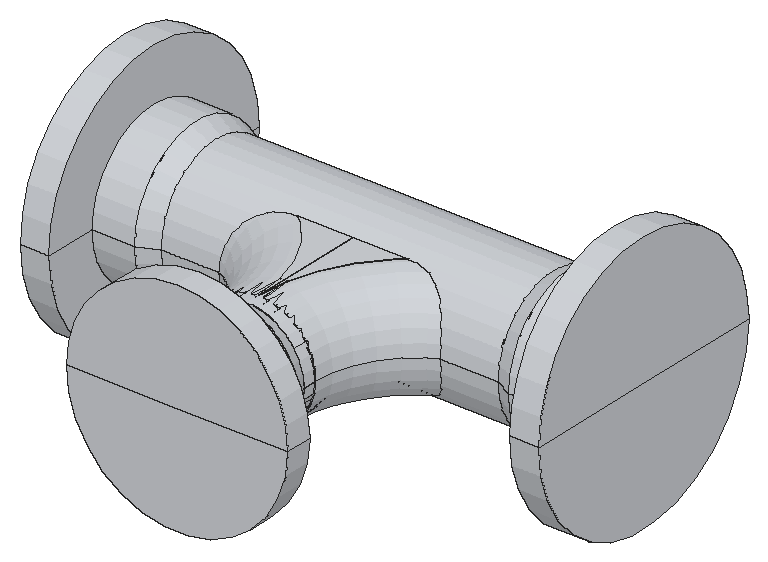
Revit family "f7548965cfa54f0795c5da2bba55f3d6", category Pipe Fittings, Revit 2021
Family settings
  Round Connector Dimension = Use Radius
  Part Type = Tee
  OmniClass Number = 23.60.30.11.14
  OmniClass Title = Pipework Fittings
  Seek Item ID = Tee - PVC - Sch 40-0000-USA-ENU
  Work Plane-Based = No
  Always vertical = Yes
  Cut with Voids When Loaded = No
  Shared = No
Parameters (values of type "Standard")
  Visibility 1 [instance] = Angle = 90.00°  # yes
  Tick Size 2 [instance] = Fitting Outside Diameter 2 * 0.4  # 1.5840"
  Tick Size 1 [instance] = Fitting Outside Diameter 1 * 0.4  # 1.9200"
  Socket Outside Radius 2 [instance] = Socket Outside Diameter 2 / 2  # 2.2400"
  Socket Outside Radius 1 [instance] = Socket Outside Diameter 1 / 2  # 2.7250"
  Socket Outside Diameter 1 [instance] = size_lookup(Lookup Table Name, "SOD", 1.08 * Nominal Diameter 1 + 1.1300", Nominal Diameter 1)  # 5.4500"
  Socket Outside Diameter 2 [instance] = size_lookup(Lookup Table Name, "SOD", 1.08 * Nominal Diameter 2 + 1.1300", Nominal Diameter 2)  # 4.4800"
  Socket Depth 2 [instance] = if(Nominal Diameter 2 < 14.0000", 2.5000", if(Nominal Diameter 2 < 30.0000", 3.5000", 4.0000"))  # 2.5000"
  Socket Depth 1 [instance] = if(Nominal Diameter 1 < 14.0000", 2.5000", if(Nominal Diameter 1 < 30.0000", 3.5000", 4.0000"))  # 2.5000"
  Nominal Radius 2 [instance] = 1.5000"
  Nominal Diameter 2 [instance] = Nominal Radius 2 * 2  # 3.0000"
  Lookup Table Name = "Tee Reducing - MJ - GI - Class 250"
  Length 1 [instance] = Socket Depth 2 + Bevel Length 2  # 3.0200"
  Fitting Outside Radius 2 [instance] = Fitting Outside Diameter 2 / 2  # 1.9800"
  Fitting Outside Radius 1 [instance] = Fitting Outside Diameter 1 / 2  # 2.4000"
  Fitting Outside Diameter 2 [instance] = size_lookup(Lookup Table Name, "FOD", 1.04 * Nominal Diameter 2 + 0.7000", Nominal Diameter 2)  # 3.9600"
  Fitting Outside Diameter 1 [instance] = size_lookup(Lookup Table Name, "FOD", 1.04 * Nominal Diameter 1 + 0.7000", Nominal Diameter 1)  # 4.8000"
  Nominal Radius 1 [instance] = 2.0000"
  Nominal Diameter 1 [instance] = Nominal Radius 1 * 2  # 4.0000"
  Loss Method = K Coefficient from Table
  K Coefficient Table = "Tee"
  Default Elevation = 0.0000"
  Bevel Length 2 [instance] = size_lookup(Lookup Table Name, "BvLgt", 0.04 * Nominal Diameter 2 + 0.4300", Nominal Diameter 2)  # 0.5200"
  Bevel Length 1 [instance] = size_lookup(Lookup Table Name, "BvLgt", 0.04 * Nominal Diameter 1 + 0.4300", Nominal Diameter 1)  # 0.6500"
  Center to Socket Bottom 2 [instance] = size_lookup(Lookup Table Name, "CtSB2", 4.5900" + 0.59 * Nominal Diameter 1 + 0.05 * Nominal Diameter 2, Nominal Diameter 1, Nominal Diameter 2)  # 6.5000"
  Center to Socket Bottom 1 [instance] = size_lookup(Lookup Table Name, "CtSB1", 6.2700" + 0.34 * Nominal Diameter 1 + 0.15 * Nominal Diameter 2, Nominal Diameter 1, Nominal Diameter 2)  # 6.5000"
  Center to End 2 [instance] = Center to Socket Bottom 2 + Socket Depth 2  # 9.0000"
  Center to End 2 Label [instance] = if((Center to End 2 - Gland Width 2) * tan(Angle 1 / 2) > Gland Outside Radius 1, Center to End 2, Gland Outside Radius 1 / tan(Angle 1 / 2) + Gland Width 2)  # 9.0000"
  Center to End 1 Label [instance] = if((Center to End 2 - Gland Width 2) * tan(Angle 1 / 2) > Gland Outside Radius 1, Center to End 1, Gland Outside Radius 1 / tan(Angle 1 / 2) + Gland Width 2)  # 9.0000"
  Center to End 1 [instance] = Center to Socket Bottom 1 + Socket Depth 1  # 9.0000"
  Center Radius Label [instance] = if(Center to Socket Bottom 2 - Center Radius - Bevel Length 2 < 0.5000", Center to Socket Bottom 2 - Bevel Length 2 - 0.5000", Center Radius)  # 5.4800"
  Center Radius [instance] = size_lookup(Lookup Table Name, "CRad", 4.4800" + 0.3 * Nominal Diameter 1 + 0.33 * Nominal Diameter 2, Nominal Diameter 1, Nominal Diameter 2)  # 5.8500"
  Gland Width 2 [instance] = size_lookup(Lookup Table Name, "GWid", 0.03 * Nominal Diameter 2 + 0.9400", Nominal Diameter 2)  # 0.9400"
  Gland Width 1 [instance] = size_lookup(Lookup Table Name, "GWid", 0.03 * Nominal Diameter 1 + 0.9400", Nominal Diameter 1)  # 1.0000"
  Gland Outside Radius 2 [instance] = Gland Outside Diameter 2 / 2  # 3.8450"
  Gland Outside Radius 1 [instance] = Gland Outside Diameter 1 / 2  # 4.5600"
  Gland Outside Diameter 2 [instance] = size_lookup(Lookup Table Name, "GOD", 1.16 * Nominal Diameter 2 + 4.0300", Nominal Diameter 2)  # 7.6900"
  Gland Outside Diameter 1 [instance] = size_lookup(Lookup Table Name, "GOD", 1.16 * Nominal Diameter 1 + 4.0300", Nominal Diameter 1)  # 9.1200"
  Angle 1 [instance] = if(Angle > 90.00°, 180.00° - Angle, Angle)  # 90.00°
  Angle [instance] = 90.00°
Reference planes (in)
  plane 1 "Center (Front/Back)": y = 0
  plane 2: z = 0
  plane 3 "Center (Left/Right)": x = 0
  plane 4: y = -6.5
  plane 5: y = 4.56
  plane 6: y = 2.725
  plane 7: y = 2.4
  plane 8: x = -9
  plane 9: x = -8
  plane 10: x = -5.85
  plane 11: x = -6.5
  plane 12: x = 9
  plane 13: x = 8
  plane 14: x = 5.85
  plane 15: x = 6.5
  plane 16: y = -5.98
  plane 17: y = -5.48
  plane 18: x = -5.48
  plane 19: x = 5.48
  plane 20: z = 1.98
  plane 21: z = -1.98
  plane 22: y = 1.92
  plane 23: y = -1.92
Forms (in)
  Revolve 1, solid, detail levels fine
    sketch origin (0, 0, 0) x (1, 0, 0) y (0, 1, 0)
      loop
        line (-9, 0) -> (9, 0) -> (9, 4.56) -> (8, 4.56) -> (8, 2.725) -> (6.5, 2.725) -> (5.85, 2.4) -> (-5.85, 2.4) -> (-6.5, 2.725) -> (-8, 2.725) -> (-8, 4.56) -> (-9, 4.56) -> (-9, 0)
      axis (-9, 0) -> (9, 0)
    angle from 0 to 360
  Sweep 2, solid, visible <- "Visibility 1", detail levels fine
    path origin (0, 0, 0) x (1, 0, 0) y (0, 1, 0)
      loop
        arc (-5.48, 0) -> (-1.60505, -1.60505) -> (0, -5.48) r 5.48
        line (0, -5.48) -> (0, -5.98)
    profile origin (0, -5.48, 0) x (1, 0, 0) y (0, 0, 1)
      loop
        circle (0, 0) r 1.98
  Sweep 3, solid, visible <- "Visibility 1", detail levels fine
    path origin (0, 0, 0) x (-1, 0, 0) y (0, 1, 0)
      loop
        arc (-5.48, 0) -> (-1.60505, -1.60505) -> (0, -5.48) r 5.48
        line (0, -5.48) -> (0, -5.98)
    profile origin (0, -5.48, 0) x (1, 0, 0) y (0, 0, 1)
      loop
        circle (0, 0) r 1.98
  Extrusion 4, solid, visible <- "Visibility 1", detail levels fine
    sketch origin (0, 0, 0) x (1, 0, 0) y (0, 1, 0)
      loop
        arc (-5.48, 0) -> (-1.60505, -1.60505) -> (0, -5.48) r 5.48
        arc (0, -5.48) -> (1.60505, -1.60505) -> (5.48, 0) r 5.48
        line (5.48, 0) -> (-5.48, 0)
    from -1.98 to 1.98
  Revolve 5, solid, detail levels fine
    sketch origin (0, 0, 0) x (0, -1, 0) y (1, 0, 0)
      loop
        line (0, -1.98) -> (5.98, -1.98) -> (6.5, -2.24) -> (8.06, -2.24) -> (8.06, -3.845) -> (9, -3.845) -> (9, 0) -> (0, 0) -> (0, -1.98)
      axis (0, 0) -> (9, 0)
    angle from 0 to 360
Lines and regions (in)
  model lines, detail levels coarse+medium
    curve 1: line (-9, 1.92, 0) -> (-9, -1.92, 0)
    curve 2: line (9, 1.92, 0) -> (9, -1.92, 0)
    curve 5: line (-1.584, -9, 0) -> (1.584, -9, 0)
  model lines, style "PipeFitting", detail levels coarse+medium
    curve 3: line (-9, 0, 0) -> (9, 0, 0)
    curve 6: line (0, 0, 0) -> (0, -9, 0)
  reference lines, not visible
    curve 4: line (0, 0, 0) -> (0, -9, 0)
Dimensions and locks (in)
  "Center to Socket Bottom 2": plane 4 to plane 1 "Center (Front/Back)"
  "Fitting Outside Radius 1": plane 7 to plane 1 "Center (Front/Back)"
  "Socket Outside Radius 1": plane 6 to plane 1 "Center (Front/Back)"
  "Gland Outside Radius 1": plane 5 to plane 1 "Center (Front/Back)"
  "Gland Width 1": plane 8 to plane 9
  "Socket Depth 1": plane 8 to plane 11
  "Bevel Length 1": plane 11 to plane 10
  "Gland Width 1": plane 12 to plane 13
  "Socket Depth 1": plane 12 to plane 15
  "Bevel Length 1": plane 14 to plane 15
  "Bevel Length 2": plane 16 to plane 4
  "Center Radius Label": plane 1 "Center (Front/Back)" to plane 17
  "Center Radius Label": plane 18 to plane 3 "Center (Left/Right)"
  "Center Radius Label": plane 3 "Center (Left/Right)" to plane 19
  "Fitting Outside Radius 2": plane 20 to plane 2
  "Fitting Outside Radius 2": plane 21 to level
  "Tick Size 1": plane 1 "Center (Front/Back)" to plane 23
  "Tick Size 1": plane 22 to plane 1 "Center (Front/Back)"
  "Center to End 2 Label": curve 4 to curve 4
  "Center to End 2 Label": Revolve 5 sketch curve to Revolve 5 sketch curve
  "Gland Width 2": Revolve 5 sketch curve to Revolve 5 sketch curve
  "Socket Depth 2": Revolve 5 sketch curve to Revolve 5 sketch curve
  "Gland Outside Radius 2": Revolve 5 sketch curve to Revolve 5 sketch curve
  "Socket Outside Radius 2": Revolve 5 sketch curve to Revolve 5 sketch curve
  "Fitting Outside Radius 2": Revolve 5 sketch curve to Revolve 5 sketch curve
  "Length 1": Revolve 5 sketch curve to Revolve 5 sketch curve
  "Center to End 1 Label": plane 8 to plane 3 "Center (Left/Right)"
  "Center to End 1 Label": plane 3 "Center (Left/Right)" to plane 12
  "Tick Size 2": curve 5 to curve 4
  "Tick Size 2": curve 4 to curve 5
  "Center to End 2 Label": curve 6 to curve 6
  "Center Radius Label": radius of Sweep 2 sketch curve
  "Fitting Outside Radius 2": radius of Sweep 2 sketch curve
  "Center Radius Label": radius of Sweep 3 sketch curve
  "Fitting Outside Radius 2": radius of Sweep 3 sketch curve
  "Center Radius Label": radius of Extrusion 4 sketch curve  (x2)
  "Angle": angle curve 4 to plane 1 "Center (Front/Back)"
  "Angle": angle Revolve 5 sketch curve to plane 1 "Center (Front/Back)"
  locked: curve 4 to curve 5 (angle 90.00°)
  "Angle": angle curve 6 to plane 1 "Center (Front/Back)"
  aligned and locked: plane 1 "Center (Front/Back)" to Revolve 1 sketch curve
  aligned and locked: plane 8 to Revolve 1 sketch curve
  aligned and locked: Revolve 1 sketch curve to plane 5  (x2)
  aligned and locked: Revolve 1 sketch curve to plane 7
  aligned and locked: Revolve 1 sketch curve to plane 6  (x2)
  aligned and locked: Revolve 1 sketch curve to plane 13
  aligned and locked: Revolve 1 sketch curve to plane 12
  aligned and locked: Revolve 1 sketch curve to plane 9
  aligned and locked: Revolve 1 sketch curve to Revolve 1 sketch curve
  aligned and locked: plane 11 to Revolve 1 sketch curve
  aligned and locked: plane 10 to Revolve 1 sketch curve
  aligned and locked: plane 14 to Revolve 1 sketch curve
  aligned and locked: plane 15 to Revolve 1 sketch curve
  aligned and locked: plane 17 to Sweep 2 sketch curve
  aligned and locked: plane 18 to Sweep 2 sketch curve
  aligned and locked: plane 19 to Sweep 3 sketch curve
  aligned and locked: plane 17 to Sweep 3 sketch curve
  aligned and locked: plane 18 to Extrusion 4 sketch curve  (x2)
  aligned and locked: plane 17 to Extrusion 4 sketch curve  (x3)
  aligned and locked: plane 19 to Extrusion 4 sketch curve  (x3)
  aligned and locked: plane 1 "Center (Front/Back)" to Extrusion 4 sketch curve  (x2)
  aligned and locked: plane 21 to Extrusion 4
  aligned and locked: plane 20 to Extrusion 4
  aligned and locked: plane 23 to curve 2
  aligned and locked: plane 22 to curve 2
  aligned and locked: plane 12 to curve 2
  aligned and locked: plane 23 to curve 1
  aligned and locked: plane 22 to curve 1
  aligned and locked: curve 1 to plane 8
  aligned and locked: plane 1 "Center (Front/Back)" to curve 3
  aligned and locked: plane 8 to curve 3
  aligned and locked: plane 12 to curve 3
  aligned and locked: plane 3 "Center (Left/Right)" to curve 4
  aligned and locked: plane 1 "Center (Front/Back)" to curve 4
  aligned and locked: plane 3 "Center (Left/Right)" to Revolve 5 sketch curve
  aligned and locked: plane 1 "Center (Front/Back)" to Revolve 5 sketch curve
  aligned and locked: Revolve 5 sketch curve to Revolve 5 sketch curve  (x3)
  aligned and locked: curve 5 to curve 4
  aligned and locked: plane 3 "Center (Left/Right)" to curve 6
  aligned and locked: plane 16 to Sweep 3 sketch curve
  aligned and locked: plane 16 to Sweep 2 sketch curve
Automatic sketch dimensions
  Revolve 1 sketch curve to plane 8 = 1.01143"
  Revolve 1 sketch curve to plane 12 = 1.76143"
  Sweep 2 sketch curve to level = 0.0000"
  profile plane to Sweep 2 sketch curve = 0.0000"
  Sweep 3 sketch curve to level = 0.0000"
  profile plane to Sweep 3 sketch curve = 0.0000"
  Extrusion 4 sketch curve to plane 18 = 0.0000"
Connectors (in)
  piping at (-9, 0, 0), diameter 4, driven by "Nominal Radius 1"
    settings: on Revolve 1, index 1, connector inside diameter 4.0000", connector length 0.0000", flow factor 0, pipe flow 0 GPM, pressure drop 0.00 psi, fitting loss kfactor 0, connector angle 0.00°, fixture units 0, engagement length 0.0000", angle of deflection 0.00°, flow configuration 0, flow direction 0, fitting loss method 0, system type 28, joint type 0, gender type 0, connector reference index 2, connector utility 0, adjustable connector no, is connector primary yes, connector description ""
  piping at (9, 0, 0), diameter 4, driven by "Nominal Radius 1"
    settings: on Revolve 1, index 2, connector inside diameter 4.0000", connector length 0.0000", flow factor 0, pipe flow 0 GPM, pressure drop 0.00 psi, fitting loss kfactor 0, connector angle 0.00°, fixture units 0, engagement length 0.0000", angle of deflection 0.00°, flow configuration 0, flow direction 0, fitting loss method 0, system type 28, joint type 0, gender type 0, connector reference index 1, connector utility 0, adjustable connector no, is connector primary no, connector description ""
  piping at (0, -9, 0), diameter 3, driven by "Nominal Radius 2", driven by "Angle"
    settings: on Revolve 5, index 3, connector inside diameter 3.0000", connector length 0.0000", flow factor 0, pipe flow 0 GPM, pressure drop 0.00 psi, fitting loss kfactor 0, connector angle 90.00°, fixture units 0, engagement length 0.0000", angle of deflection 0.00°, flow configuration 0, flow direction 0, fitting loss method 0, system type 28, joint type 0, gender type 0, connector reference index -1, connector utility 0, adjustable connector no, is connector primary no, connector description ""
